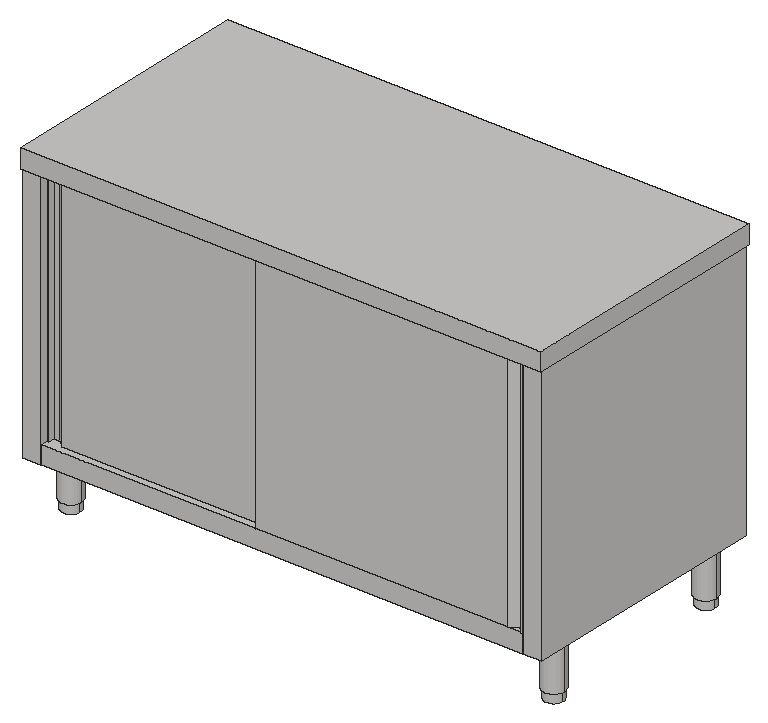
Revit family "QF_ZANUSSI_132858_MS1407N", category Attrezzature speciali, Revit 2020
Family settings
  Quota connettore circolare = Usa diametro
  Tipo di parte = Normale
  Basato su piano di lavoro = No
  Sempre verticale = Sì
  Taglio con vuoti quando caricato = No
  Condiviso = No
  Punto di calcolo locali = No
Parameters (values of type "Standard")
  Weight = 60.00 kg
  Watts = 0 W
  Volts = 0 V
  URL Manufacturer = "http://www.zanussiprofessional.com"
  URL = "http://www.zanussiprofessional.com"
  Steam Supply Size = 0 mm
  Steam Supply Minimum Pressure = 0.0 Pa
  Steam Supply Maximum Pressure = 0.0 Pa
  Steam Consumption per Hour = 0
  Refrigeration Suction Line Size = 0.0 mm
  Refrigeration Liquid Line Size = 0.0 mm
  Refrigerant Compressor Remote = yes
  Prospetto di default = 0.0 mm
  Produttore = "Zanussi"
  Phase = 0
  Modello = "MS1407N"
  Length Actual = 1400.0 mm  # constant formula
  Item Number = "132858"
  Hot Water Size = 0 mm
  Height Actual = 900.0 mm  # constant formula
  HP = "0 HP"
  Gas Size = 0 mm
  Gas KW = 0
  Gas Input Pressure = 0 W
  Direct Waste Size = 0 mm
  Descrizione = "WORKTOP CUPBOARD 1400MM"
  Depth Actual = 700.0 mm  # constant formula
  Cycle = 0 Hz
  Condensate Return Size = 0 mm
  Compressed Air Volume = 0.0 L/s
  Compressed Air Size = 0 mm
  Compressed Air Pressure = 0.0 Pa
  Cold Water Size = 0 mm
  Accessory = yes
Reference planes
  plane 1 "Center (Front/Back)": y = 0
  plane 2: z = 0
  plane 3 "Center (Left/Right)": x = -200
  plane 4 "LEFT": x = -900
  plane 5 "RIGHT": x = 500
  plane 6 "BACK": y = 350
  plane 7 "FRONT": y = -350
  plane 8 "Base": z = 850
  plane 9 "TOP": z = 900
  plane 10: x = -850
  plane 11: x = 450
  plane 12: y = 270
  plane 13: y = -241.9
  plane 14 "BodyLeft": x = -899
  plane 15 "BodyFront": y = -344.5
  plane 16 "BodyRight": x = 499
  plane 17 "BodyBack": y = 344.5
  plane 18 "FEET": z = 150
  plane 19: x = -130
  plane 20: x = -270
Forms (mm)
  Extrusion 1, solid, material "QF_Finishes_Stainless Steel"
    sketch origin (-200, 0, 0) x (0, 1, 0) y (0, 0, 1)
      loop
        line (-350, 850) -> (350, 850) -> (350, 900) -> (-350, 900) -> (-350, 850)
    from 700 to -700
  Extrusion 2, solid, material "QF_Finishes_Stainless Steel"
    sketch origin (0, 0, 150) x (-1, 0, 0) y (0, -1, 0)
      loop
        line (899, -344.5) -> (899, 344.5) -> (849, 344.5) -> (849, -344.5) -> (899, -344.5)
      loop
        line (-449, -344.5) -> (-449, 344.5) -> (-499, 344.5) -> (-499, -344.5) -> (-449, -344.5)
    from 0 to 700
  Extrusion 3, solid, material "QF_Finishes_Stainless Steel"
    sketch origin (0, 0, 150) x (-1, 0, 0) y (0, -1, 0)
      loop
        line (846.685, -344.5) -> (846.685, 344.5) -> (-447.6, 344.5) -> (-447.6, -344.5) -> (846.685, -344.5)
    from 0 to 50
  Extrusion 4, solid, material "QF_Finishes_Stainless Steel"
    sketch origin (0, 0, 150) x (-1, 0, 0) y (0, -1, 0)
      loop
        line (846.685, -344.5) -> (846.685, -294.5) -> (-447.6, -294.5) -> (-447.6, -344.5) -> (846.685, -344.5)
    from 50 to 700
  Extrusion 5, solid, material "QF_Finishes_Stainless Steel"
    sketch origin (0, 0, 150) x (-1, 0, 0) y (0, -1, 0)
      loop
        line (-447.6, 344.5) -> (-447.6, 324.5) -> (270, 324.5) -> (270, 344.5) -> (-407.6, 344.5) -> (-427.6, 329.5) -> (-442.6, 329.5) -> (-442.6, 344.5) -> (-447.6, 344.5)
    from 50 to 700
  Extrusion 6, solid, material "QF_Finishes_Stainless Steel"
    sketch origin (0, 20, 150) x (1, 0, 0) y (0, 1, 0)
      loop
        line (-847.6, -344.5) -> (-842.6, -344.5) -> (-842.6, -329.5) -> (-827.6, -329.5) -> (-807.6, -344.5) -> (-130, -344.5) -> (-130, -324.5) -> (-847.6, -324.5) -> (-847.6, -344.5)
    from 50 to 700
Lines and regions (mm)
  symbolic lines
    curve 1: line (500, 350, 900) -> (-900, 350, 900)
    curve 2: line (-900, 350, 900) -> (-900, -350, 900)
    curve 3: line (-900, -350, 900) -> (500, -350, 900)
    curve 4: line (500, -350, 900) -> (500, 350, 900)
  symbolic lines, style "SpecialityEquipmentHiddenLines"
    curve 5: line (-899, 344.5, 150) -> (499, 344.5, 150)
    curve 6: line (-899, -344.5, 150) -> (-899, 344.5, 150)
    curve 7: line (499, -344.5, 150) -> (-899, -344.5, 150)
    curve 8: line (499, 344.5, 150) -> (499, -344.5, 150)
    curve 9: line (-847.6, -304.5, 150) -> (-130, -304.5, 150)
    curve 10: line (-130, -304.5, 150) -> (-130, -324.5, 150)
    curve 11: line (-847.6, -324.5, 150) -> (447.6, -324.5, 150)
    curve 12: line (447.6, -324.5, 150) -> (447.6, -344.5, 150)
    curve 13: line (-270, -324.5, 150) -> (-270, -344.5, 150)
    curve 14: line (-847.6, -304.5, 150) -> (-847.6, -324.5, 150)
Dimensions and locks
  plane 4 "LEFT" to plane 5 "RIGHT" = 1400.0 mm
  equal spacing: plane 4 "LEFT", plane 3 "Center (Left/Right)", plane 5 "RIGHT"
  locked: plane 8 "Base" to level at 850
  plane 9 "TOP" to level = 900.0 mm
  plane 6 "BACK" to plane 7 "FRONT" = 700.0 mm
  equal spacing: plane 6 "BACK", plane 1 "Center (Front/Back)", plane 7 "FRONT"
  locked: plane 4 "LEFT" to plane 14 "BodyLeft" at 1
  locked: plane 16 "BodyRight" to plane 5 "RIGHT" at 1
  locked: plane 15 "BodyFront" to plane 7 "FRONT" at 5.5
  locked: plane 6 "BACK" to plane 17 "BodyBack" at 5.5
  locked: plane 14 "BodyLeft" to plane 10 at 49
  locked: plane 11 to plane 16 "BodyRight" at 49
  locked: plane 13 to plane 15 "BodyFront" at 102.6
  locked: plane 17 "BodyBack" to plane 12 at 74.5
  plane 10 to plane 11 = 1300.0 mm
  plane 12 to plane 13 = 511.9 mm
  locked: plane 14 "BodyLeft" to Extrusion 2 sketch curve at 50
  locked: Extrusion 2 sketch curve to Extrusion 2 sketch curve at 50
  Extrusion 3 to Extrusion 4 sketch curve = 50.0 mm
  locked: plane 3 "Center (Left/Right)" to plane 19 at 70
  locked: plane 20 to plane 3 "Center (Left/Right)" at 70
  locked: plane 18 "FEET" to level at 150
  aligned and locked: level to plane 2
  aligned and locked: plane 10 to nested 1
  aligned and locked: nested 1 to plane 13
  aligned and locked: plane 11 to nested 2
  aligned and locked: nested 2 to plane 13
  aligned and locked: plane 11 to nested 4
  aligned and locked: nested 4 to plane 12
  aligned and locked: plane 10 to nested 3
  aligned and locked: nested 3 to plane 12
  aligned and locked: Extrusion 1 to plane 4 "LEFT"
  aligned and locked: plane 5 "RIGHT" to Extrusion 1
  aligned and locked: curve 2 to plane 4 "LEFT"
  aligned and locked: plane 17 "BodyBack" to Extrusion 2 sketch curve
  aligned and locked: Extrusion 2 sketch curve to plane 15 "BodyFront"
  aligned and locked: Extrusion 2 sketch curve to plane 14 "BodyLeft"
  aligned and locked: plane 16 "BodyRight" to Extrusion 2 sketch curve
  aligned and locked: Extrusion 2 sketch curve to plane 17 "BodyBack"
  aligned and locked: plane 15 "BodyFront" to Extrusion 2 sketch curve
  aligned and locked: Extrusion 3 sketch curve to plane 17 "BodyBack"
  aligned and locked: plane 15 "BodyFront" to Extrusion 3 sketch curve
  aligned and locked: plane 8 "Base" to Extrusion 2
  aligned and locked: Extrusion 4 sketch curve to Extrusion 3
  aligned and locked: plane 8 "Base" to Extrusion 5
  aligned and locked: Extrusion 5 to Extrusion 3
  aligned and locked: Extrusion 6 sketch curve to plane 19
  aligned and locked: Extrusion 5 sketch curve to plane 20
  aligned and locked: Extrusion 1 to plane 8 "Base"
  aligned and locked: plane 9 "TOP" to Extrusion 1
  aligned and locked: curve 5 to plane 17 "BodyBack"
  aligned and locked: plane 14 "BodyLeft" to curve 6
  aligned and locked: plane 15 "BodyFront" to curve 7
  aligned and locked: plane 16 "BodyRight" to curve 8
Automatic sketch dimensions
  curve 3 to plane 7 "FRONT" = 0.0 mm
  curve 4 to plane 6 "BACK" = 0.0 mm
  Extrusion 1 sketch curve to plane 7 "FRONT" = 0.0 mm
  plane 9 "TOP" to Extrusion 1 sketch curve = 0.0 mm
  Extrusion 1 sketch curve to plane 6 "BACK" = 0.0 mm
  Extrusion 1 sketch curve to plane 8 "Base" = 0.0 mm
  Extrusion 5 sketch curve to plane 15 "BodyFront" = 0.0 mm  (x2)
  Extrusion 5 sketch curve to plane 11 = 2.4 mm
  Extrusion 5 sketch curve to Extrusion 5 sketch curve = 5.0 mm
  Extrusion 5 sketch curve to Extrusion 5 sketch curve = 15.0 mm
  Extrusion 5 sketch curve to Extrusion 5 sketch curve = 20.0 mm
  plane 15 "BodyFront" to Extrusion 5 sketch curve = 15.0 mm
  plane 15 "BodyFront" to Extrusion 5 sketch curve = 20.0 mm
  Extrusion 6 sketch curve to plane 15 "BodyFront" = 20.0 mm  (x2)
  Extrusion 6 sketch curve to plane 10 = 2.4 mm
  Extrusion 6 sketch curve to Extrusion 6 sketch curve = 5.0 mm
  Extrusion 6 sketch curve to Extrusion 6 sketch curve = 15.0 mm
  Extrusion 6 sketch curve to Extrusion 6 sketch curve = 20.0 mm  (x2)
  Extrusion 6 sketch curve to plane 15 "BodyFront" = 35.0 mm
  Extrusion 3 sketch curve to plane 11 = 2.4 mm
  plane 10 to Extrusion 3 sketch curve = 3.315 mm
  Extrusion 4 sketch curve to plane 11 = 2.4 mm
  plane 10 to Extrusion 4 sketch curve = 3.315 mm
  curve 10 to plane 19 = 0.0 mm
  curve 13 to plane 20 = 0.0 mm
  curve 11 to plane 11 = 2.4 mm
  plane 15 "BodyFront" to curve 9 = 40.0 mm
  curve 12 to curve 12 = 20.0 mm
  plane 10 to curve 14 = 2.4 mm
  curve 4 to plane 5 "RIGHT" = 0.0 mm
Nested families
  nested 1: "FEET_D58-150" at (-850, -241.9, 0), type "FEET_D58-150"
  nested 2: "FEET_D58-150" at (450, -241.9, 0), type "FEET_D58-150"
  nested 3: "FEET_D58-150" at (-850, 270, 0), type "FEET_D58-150"
  nested 4: "FEET_D58-150" at (450, 270, 0), type "FEET_D58-150"
Definition of nested family "FEET_D58-150"
  Parameters
    Default Elevation = 0.0 mm
    FEET = 150.0 mm
  Reference planes
    plane 1 "Center (Front/Back)": y = 0
    plane 2: z = 0
    plane 3 "Center (Left/Right)": x = 0
    plane 4: z = 150
  Forms (mm)
    Extrusion 1, solid
      sketch origin (0, 0, 0) x (1, 0, 0) y (0, 1, 0)
        loop
          circle (0, 0) r 25
      from 0 to 25
    Extrusion 2, solid
      sketch origin (0, 0, 0) x (1, 0, 0) y (0, 1, 0)
        loop
          circle (0.061, 0) r 29
      from 25 to 150 <- "FEET"
  Lines and regions (mm)
    symbolic lines
      curve 1: line (0, -1.503, 0) -> (0, 1.508, 0)
      curve 2: line (1.561, 0, 0) -> (-1.439, 0, 0)
  Dimensions and locks
    "FEET": plane 4 to plane 2
    aligned and locked: level to plane 2
  Automatic sketch dimensions
    plane 1 "Center (Front/Back)" to Extrusion 1 sketch curve = 0.0 mm
    Extrusion 1 sketch curve to plane 3 "Center (Left/Right)" = 0.0 mm
    plane 1 "Center (Front/Back)" to curve 2 = 0.0 mm
    curve 1 to plane 3 "Center (Left/Right)" = 0.0 mm
    curve 2 to plane 3 "Center (Left/Right)" = 1.439 mm
    plane 3 "Center (Left/Right)" to curve 2 = 1.561 mm
    plane 1 "Center (Front/Back)" to curve 1 = 1.503 mm
    curve 1 to plane 1 "Center (Front/Back)" = 1.508 mm
    plane 1 "Center (Front/Back)" to Extrusion 2 sketch curve = 0.0 mm
    plane 3 "Center (Left/Right)" to Extrusion 2 sketch curve = 0.061 mm
    radius of Extrusion 1 sketch curve = 25.0 mm
    radius of Extrusion 2 sketch curve = 29.0 mm
